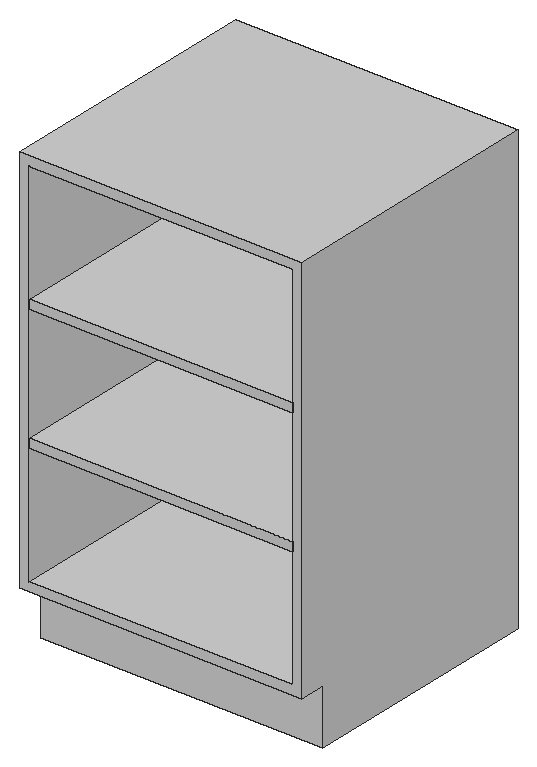
Revit family "WC31", category Specialty Equipment, Revit 2012
Parameters (values of type "Work Counter Unit w/ 2 Shelves (Defalult)")
  URL = "http://madixinc.com/store/pharmacy/counters.html"
  Model = "Work Counter"
  Manufacturer = "© 2012 Madix, Inc. All rights reserved."
Reference planes (in)
  plane 1 "Center (Front/Back)": y = 0
  plane 2: z = 0
  plane 3 "Center (Left/Right)": x = 0
  plane 4: x = -12
  plane 5: x = 12
  plane 6: y = 12
  plane 7: y = -12
  plane 8: z = 38
  plane 9: y = -11.875
  plane 10: x = 11.75
  plane 11: x = -11.75
  plane 12: x = -11.25
  plane 13: z = 37.25
  plane 14: z = 26.6667
  plane 15: z = 16.0833
Forms (in)
  Extrusion 1, solid, material "Metal - Steel"
    sketch origin (0, 0, 0) x (0, -1, 0) y (0, 0, -1)
      loop
        line (-12, 0) -> (-12, -38) -> (11, -38) -> (11, -4.75) -> (8.75, -4.75) -> (8.75, 0) -> (-12, 0)
    from -12 to -11.25
  Extrusion 2, solid, material "Metal - Steel"
    sketch origin (0, 0, 0) x (0, -1, 0) y (0, 0, 1)
      loop
        line (-12, 0) -> (8.75, 0) -> (8.75, 4.75) -> (11, 4.75) -> (11, 38) -> (-12, 38) -> (-12, 0)
    from -12 to -11.25
  Extrusion 3, solid, material "Metal - Steel"
    sketch origin (0, 0, 0) x (1, 0, 0) y (0, 1, 0)
      loop
        line (-11.25, 12) -> (-11.25, 11.75) -> (11.25, 11.75) -> (11.25, 12) -> (-11.25, 12)
    from 0 to 38
  Extrusion 4, solid, material "Metal - Steel"
    sketch origin (0, 0, 0) x (1, 0, 0) y (0, 1, 0)
      loop
        line (11.25, -11) -> (11.25, 11.75) -> (-11.25, 11.75) -> (-11.25, -11) -> (11.25, -11)
    from 37.25 to 38
  Extrusion 5, solid, material "Metal - Steel"
    sketch origin (0, 0, 0) x (0, 1, 0) y (0, 0, 1)
      loop
        line (-8.75, 0) -> (11.75, 0) -> (11.75, 5.5) -> (-11, 5.5) -> (-11, 4.75) -> (-8.75, 4.75) -> (-8.75, 0)
    from -11.25 to 11.25
  Extrusion 6, solid, material "Metal - Steel"
    sketch origin (0, 0, 8.3542) x (1, 0, 0) y (0, 0, 1)
      loop
        line (11.25, 18.3125) -> (11.25, 18.6875) -> (-11.25, 18.6875) -> (-11.25, 17.9375) -> (11.25, 17.9375) -> (11.25, 18.3125)
    from -11.75 to 11
  Extrusion 7, solid, material "Metal - Steel"
    sketch origin (0, 0, -2.2292) x (1, 0, 0) y (0, 0, 1)
      loop
        line (11.25, 18.3125) -> (11.25, 18.6875) -> (-11.25, 18.6875) -> (-11.25, 17.9375) -> (11.25, 17.9375) -> (11.25, 18.3125)
    from -11.75 to 11
Cuts and joins
  joined: Extrusion 1, Extrusion 2, Extrusion 3, Extrusion 4, Extrusion 5
Dimensions and locks (in)
  aligned and locked: level to plane 2
